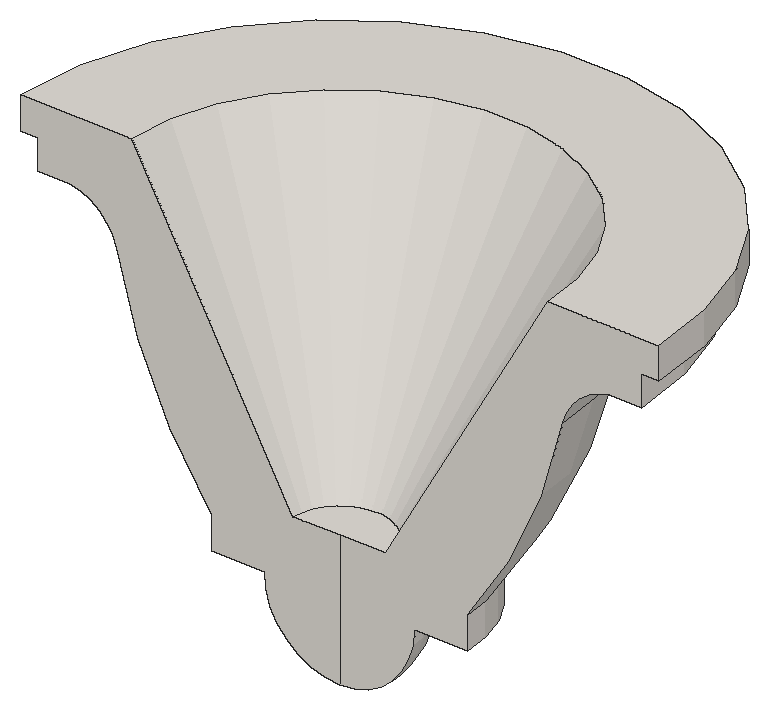
Revit family
Parameters (values of type "40 watt Incandescent")
  Wattage = 4.84712 W
  built-in parameter 1150110 = 1 (stored number, unit not read)
  built-in parameter 1114217 = 1 (stored number, unit not read)
  built-in parameter 1150109 = 1 (stored number, unit not read)
  built-in parameter 1150134 = 3
  built-in parameter 1150113 = 1 (stored number, unit not read)
  built-in parameter 1150105 = 57.296 (stored number, unit not read)
  built-in parameter 1150115 = 1 (stored number, unit not read)
  Light Source Symbol Size = 609.6 mm
  built-in parameter 1150137 = (empty or 0)
  built-in parameter 1150139 = (empty or 0)
  built-in parameter 1150112 = 1 (stored number, unit not read)
  built-in parameter 1150114 = 1 (stored number, unit not read)
  Keynote = "V"
  built-in parameter 1150132 = 2
  built-in parameter 1150102 = (empty or 0)
  built-in parameter 1150107 = 3200 (stored number, unit not read)
  built-in parameter 1150138 = (empty or 0)
  built-in parameter 1150106 = 0.57296 (stored number, unit not read)
  built-in parameter 1150104 = 13.8 (stored number, unit not read)
  Dimming Lamp Color Temperature Shift = (empty or 0)
  Color Filter = 16777215
  built-in parameter 1114218 = 1 (stored number, unit not read)
  built-in parameter 1150133 = 10 (stored number, unit not read)
  Assembly Code = "D5020220"
  Lamp = "A-17"
  Lumens = 720 lm
  Mounting Height = 1930.4 mm
  Material Sconce = Textile - Pottery
  Wattage Comments = "40"
Reference planes
  plane 1: y = 0
  plane 2 "Light Source Axis": x = 0
  plane 3: z = 2133.6
  plane 4: z = 1727.2
  plane 5 "Light Source Elevation": z = 1930.4
  plane 6 "Light Source Axis": y = 152.4
Forms (mm)
  Revolve 1, solid, material "Textile - Pottery" <- "Material Sconce"
    sketch origin (-1524, 76.2, 0) x (-1, 0, 0) y (0, 0, 1)
      loop
        line (-1625.6, 1786.825) -> (-1583.625, 1786.825)
        arc (-1583.625, 1786.825) -> (-1566.162, 1744.664) -> (-1524, 1727.2) r 59.625
        line (-1524, 1727.2) -> (-1524, 1833.631) -> (-1560.938, 1833.631) -> (-1689.206, 2057.4) -> (-1777.477, 2057.4) -> (-1777.477, 2032) -> (-1763.501, 2032) -> (-1763.501, 2008.291) -> (-1738.101, 2008.291)
        arc (-1738.101, 2008.291) -> (-1714.64, 1997.326) -> (-1700.829, 1975.418) r 45.967
        arc (-1700.829, 1975.418) -> (-1672.565, 1889.511) -> (-1625.6, 1812.225) r 397.183
        line (-1625.6, 1812.225) -> (-1625.6, 1786.825)
      axis (-1524, 2057.4) -> (-1524, 1727.2)
    angle from 180 to 360
Lines and regions (mm)
  symbolic lines
    curve 1: arc (-68.137, 76.2, 0) -> (0, 144.337, 0) -> (68.137, 76.2, 0) r 68.137
    curve 2: arc (-221.206, 76.2, 0) -> (0, 297.406, 0) -> (221.206, 76.2, 0) r 221.206
  model lines, style "InvisibleLines"
    curve 3: line (0, 76.2, 1727.2) -> (0, 76.2, 0)
Text (mm)
  text "Front" at (0, 1019.848, 3124.603), in view "Right"
  text "Front" at (-1507.909, 364.928, 0), in view "Floor Line"
  text "Front" at (0, 840.18, 2453.19), in view "Left"
Dimensions and locks
  plane 4 to plane 3 = 406.4 mm
  host wall to plane 6 "Light Source Axis" = 76.2 mm
  plane 5 "Light Source Elevation" to plane 3 = 203.2 mm
  "Mounting Height": level to plane 5 "Light Source Elevation"
  locked: host wall to plane 6 "Light Source Axis" at 76.2
  aligned and locked: curve 1 to Revolve 1
  aligned and locked: Revolve 1 to curve 2
  aligned and locked: imposter light to plane 2 "Light Source Axis"
  aligned and locked: plane 6 "Light Source Axis" to imposter light
  aligned and locked: plane 5 "Light Source Elevation" to imposter light
Automatic sketch dimensions
  curve 3 to plane 2 "Light Source Axis" = 0 mm
  curve 3 to plane 4 = 0 mm
  curve 3 to level = 0 mm
  curve 1 to plane 2 "Light Source Axis" = 0 mm
  curve 2 to plane 2 "Light Source Axis" = 0 mm
  curve 2 to curve 1 = 153.069 mm
  Revolve 1 sketch curve to plane 2 "Light Source Axis" = 0 mm  (x2)
  Revolve 1 sketch curve to plane 4 = 0 mm
  Revolve 1 sketch curve to Revolve 1 sketch curve = 36.938 mm
  Revolve 1 sketch curve to Revolve 1 sketch curve = 22.688 mm
  Revolve 1 sketch curve to Revolve 1 sketch curve = 41.975 mm
  plane 3 to Revolve 1 sketch curve = 76.2 mm
  plane 2 "Light Source Axis" to Revolve 1 sketch curve = 165.206 mm
  Revolve 1 sketch curve to plane 5 "Light Source Elevation" = 45.018 mm
  Revolve 1 sketch curve to Revolve 1 sketch curve = 11.623 mm
  Revolve 1 sketch curve to Revolve 1 sketch curve = 37.272 mm
  Revolve 1 sketch curve to Revolve 1 sketch curve = 6.944 mm
  Revolve 1 sketch curve to Revolve 1 sketch curve = 25.4 mm
  Revolve 1 sketch curve to Revolve 1 sketch curve = 13.976 mm
  plane 3 to Revolve 1 sketch curve = 77.811 mm
  Revolve 1 sketch curve to plane 2 "Light Source Axis" = 212.137 mm
  plane 4 to Revolve 1 sketch curve = 64.826 mm
  Revolve 1 sketch curve to Revolve 1 sketch curve = 46.806 mm
  Revolve 1 sketch curve to plane 5 "Light Source Elevation" = 32.451 mm
  Revolve 1 sketch curve to plane 5 "Light Source Elevation" = 36.774 mm
  Revolve 1 sketch curve to Revolve 1 sketch curve = 23.709 mm
  curve 1 to curve 1 = 68.137 mm
